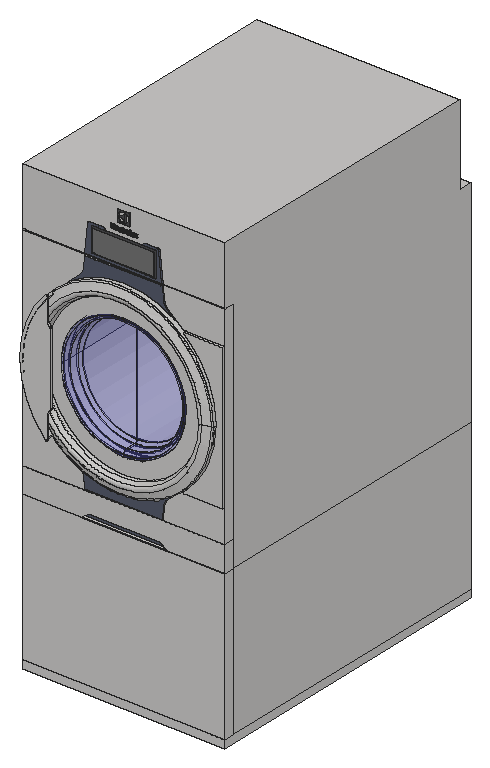
Revit family "QF_ELECTROLUXPROFESSIONAL_1L059Z_TD6-20_S", category Attrezzature speciali, Revit 2021
Family settings
  Quota connettore circolare = Usa diametro
  Tipo di parte = Normale
  Basato su piano di lavoro = No
  Sempre verticale = Sì
  Taglio con vuoti quando caricato = No
  Condiviso = No
  Punto di calcolo locali = No
Parameters (values of type "9873830133")
  Weight = 250
  Watts = 1000 W
  Volts = 400 V
  URL = "www.electroluxprofessional.com"
  Steam Supply Size [instance] = 25 mm
  Steam Supply Minimum Pressure [instance] = 100.0 Pa
  Steam Supply Maximum Pressure [instance] = 1000.0 Pa
  Steam Pounds per Hour = 0
  Steam Consumption per Hour [instance] = "0.0"
  Show Logo [instance] = yes
  Show Clearance [instance] = yes
  Sensible Heat Output = "0.0"
  Prospetto di default = 0 mm
  Produttore = "Electrolux Professional"
  Phase = 3
  Modello = "TD6-20"
  Length Actual = 790 mm
  Latent Heat Output = "0.0"
  Item Number = "1L0EMV"
  Height Actual = 1771 mm
  Gas KW = 0
  Descrizione = "TUMBLE DRYER TD6-20 20KG SST DRUM STEAM 25KW 400/50/3N COMPASS PRO 6G81 EU SST DO.LEFT MB STOP DISCON."
  Depth Actual = 1342 mm
  Cycle = 50 Hz
  Corrente [instance] = "1.4"
  Condensate Return Size [instance] = 25 mm
Types (19, lengths in mm): name | Weight | Watts | Volts | Phase | Item Number | Descrizione | Depth Actual | Cycle | Corrente
  (no name) | 250 | 1000 W | 400 V | 3 | "1L0EMV" | "TUMBLE DRYER TD6-20 20KG SST DRUM STEAM 25KW 400/50/3N COMPASS PRO 6G81 EU SST DO.LEFT MB STOP DISCON." | 1342 | 50 Hz | "1.4"
  9873830062 | 250 | 1200 W | 240 V | 1 | "1L0EHB" | "TUMBLE DRYER TD6-20 20KG GALVA.DRUM STEAM 25KW 208-240/60/1 COMPASS PRO 6G82 EU SILVER DO.RIGHT STOP DISCON. EXT.CONN." | 1342 | 60 Hz | "5.5"
  9873830303 | 243 | 1000 W | 400 V | 3 | "1LT6HZ" | "TUMBLE DRYER TD6-20 20KG SST DRUM STEAM 25KW 400/50/3 COMPASS PRO 6G81 EU SILVER DO.RIGHT MB DSC STOP DISCON." | 1202 | 50 Hz | "0.0"
  9873830262 | 243 | 1200 W | 240 V | 1 | "1LSPS0" | "TUMBLE DRYER TD6-20 20KG GALVA.DRUM STEAM 25KW 208-240/60/1 COMPASS PRO 6G82 EU SST DO.RIGHT STOP DISCON." | 1202 | 60 Hz | "0.0"
  9873830198 | 250 | 1000 W | 400 V | 3 | "1LSNZW" | "TUMBLE DRYER TD6-20 20KG SST DRUM STEAM 25KW 400/50/3N COMPASS PRO 6G81 SE SILVER DO.LEFT.INS. MB DSC STOP DISCON." | 1342 | 50 Hz | "1.4"
  9873830188 | 250 | 1200 W | 240 V | 1 | "1LSNVA" | "TUMBLE DRYER TD6-20 20KG GALVA.DRUM STEAM 25KW 240/60/1N COMPASS PRO 6G81 EU SILVER DO.RIGHT MB STOP DISCON." | 1342 | 60 Hz | "5.0"
  9873830115 | 250 | 1000 W | 400 V | 3 | "1LSN63" | "TUMBLE DRYER TD6-20 20KG GALVA.DRUM STEAM 25KW 400/50/3N COMPASS PRO 6G81 EU SILVER DO.RIGHT MB STOP DISCON." | 1342 | 50 Hz | "1.4"
  9873830145 | 250 | 1000 W | 230 V | 3 | "1LSNDX" | "TUMBLE DRYER TD6-20 20KG SST DRUM STEAM 25KW 230/50/3 COMPASS PRO 6G81 EU SILVER DO.LEFT MB STOP DISCON." | 1342 | 50 Hz | "2.5"
  9873830064 | 250 | 1200 W | 240 V | 1 | "1LSN3U" | "TUMBLE DRYER TD6-20 20KG SST DRUM STEAM 25KW 208-240/60/1 COMPASS PRO 6G82 EU SST DO.RIGHT.INS. STOP DISCON. EXT.CONN." | 1342 | 60 Hz | "5.5"
  9873830255 | 243 | 1000 W | 440 V | 3 | "1L0H12" | "TUMBLE DRYER TD6-20 MARINE 20KG GALVA.DRUM STEAM 25KW 440/60/3 COMPASS PRO 6G81 SE SST/SILVER DO.RIGHT MB STOP DISCON. E" | 1202 | 60 Hz | "1.3"
  9873830280 | 243 | 1000 W | 200 V | 3 | "1L0H83" | "TUMBLE DRYER TD6-20 20KG SST DRUM STEAM 25KW 200/60/3 COMPASS PRO 6G86 JP SST/SILVER DO.RIGHT DISCON." | 1202 | 60 Hz | "0.0"
  9873830167 | 250 | 1200 W | 240 V | 1 | "1L0FY3" | "TUMBLE DRYER TD6-20 20KG GALVA.DRUM STEAM 25KW 240/50/1N COMPASS PRO 6G82 EU SILVER DO.RIGHT STOP DISCON." | 1342 | 50 Hz | "5.0"
  9873830223 | 250 | 1200 W | 240 V | 1 | "1L0GK7" | "TUMBLE DRYER TD6-20 20KG SST DRUM STEAM 25KW 208-240/60/1 COMPASS PRO 6G81 EU SILVER DO.LEFT MB STOP DISCON." | 1342 | 60 Hz | "5.5"
  9873830056 | 250 | 1000 W | 400 V | 3 | "1L0EGY" | "TUMBLE DRYER TD6-20 20KG SST DRUM STEAM 25KW 400/50/3 COMPASS PRO 6G81 EU SILVER DO.RIGHT MB STOP DISCON." | 1342 | 50 Hz | "1.4"
  9873830154 | 250 | 1000 W | 440 V | 3 | "1L0FUX" | "TUMBLE DRYER TD6-20 MARINE 20KG GALVA.DRUM STEAM 25KW 440/60/3 COMPASS PRO 6G81 EU SILVER DO.RIGHT MB STOP DISCON." | 1342 | 60 Hz | "1.3"
  9873830279 | 243 | 1000 W | 200 V | 3 | "1L0H82" | "TUMBLE DRYER TD6-20 20KG SST DRUM STEAM 25KW 200/50/3 COMPASS PRO 6G86 JP SST/SILVER DO.RIGHT DISCON." | 1202 | 50 Hz | "0.0"
  9873830146 | 250 | 1000 W | 400 V | 3 | "1LSNEL" | "TUMBLE DRYER TD6-20 20KG GALVA.DRUM STEAM 25KW 400/50/3N COMPASS PRO 6G81 EU SST/SILVER DO.RIGHT.INS. MB STOP DISCON." | 1342 | 50 Hz | "1.4"
  9873830058 | 250 | 1200 W | 240 V | 1 | "1L0EH7" | "TUMBLE DRYER TD6-20 20KG GALVA.DRUM STEAM 25KW 208-240/60/1 COMPASS PRO 6G82 EU SILVER DO.RIGHT STOP DISCON." | 1342 | 60 Hz | "5.5"
  9873830133 | 250 | 1000 W | 400 V | 3 | "1L0EMV" | "TUMBLE DRYER TD6-20 20KG SST DRUM STEAM 25KW 400/50/3N COMPASS PRO 6G81 EU SST DO.LEFT MB STOP DISCON." | 1342 | 50 Hz | "1.4"
Reference planes
  plane 1: z = 0
  plane 2 "BACK": y = 790.5
  plane 3 "FRONT": y = -549.5
  plane 4 "LEFT": x = -799
  plane 5 "RIGHT": x = -6
  plane 6 "TOP": z = 1771
  plane 7: y = -601.5
  plane 8: y = -1323.5
Forms (mm)
  Extrusion 1, solid, material "QF_Finishes_Stainless Steel"
    sketch origin (718.1, -398.1, 598.796) x (0, 0, -1) y (0, 1, 0)
      loop
        line (-14.704, 1049.6) -> (-855.66, 1049.6) -> (-855.66, 993.6) -> (-941.204, 993.6) -> (-941.204, -115.453) -> (-14.704, -115.453) -> (-14.704, 1049.6)
    from -1517.1 to -724.1
  Extrusion 2, solid, material "QF_Finishes_Stainless Steel"
    sketch origin (718.1, -368.1, 598.796) x (0, 0, -1) y (0, 1, 0)
      loop
        line (568.796, -145.453) -> (568.796, 1019.6) -> (-14.704, 1019.6) -> (-14.704, -145.453) -> (568.796, -145.453)
    from -1517.1 to -724.1
  Sweep 3, solid, material "QF_Finishes_Black"
    path origin (686.327, -549.5, 1684.42) x (0, 0, -1) y (1, 0, 0)
      loop
        line (131.445, -962.809) -> (32.707, -962.809) -> (32.707, -1214.809) -> (131.445, -1214.809) -> (131.445, -962.809)
    profile origin (-276.482, -549.5, 1602.344) x (-1, 0, 0) y (0, -1, 0)
      loop
        line (5, 0) -> (5, 5)
        arc (5, 5) -> (1.464, 3.536) -> (0, 0) r 5
        line (0, 0) -> (5, 0)
  Extrusion 4, solid, material "QF_Finishes_Dark Grey"
    sketch origin (686.327, -549.5, 1684.42) x (0, 0, -1) y (1, 0, 0)
      loop
        line (126.445, -1209.809) -> (126.445, -967.809) -> (37.707, -967.809) -> (37.707, -1209.809) -> (126.445, -1209.809)
    from 0 to 4
  Extrusion 5, void
    sketch origin (889, -517.06, 1195.994) x (0, 0, -1) y (1, 0, 0)
      loop
        circle (69.994, -1291.5) r 245
    from -451.9 to 33.109
  Extrusion 6, solid, material "QF_Finishes_Stainless Steel"
    sketch origin (718.1, 595.5, 1540) x (0, 0, -1) y (-1, 0, 0)
      loop
        circle (43, 834.1) r 12.7
    from 0 to 5
  Extrusion 7, solid, material "QF_Finishes_Stainless Steel"
    sketch origin (653.455, 651.5, 172.018) x (0, 0, 1) y (1, 0, 0)
      loop
        circle (67.982, -1277.455) r 100
    from 0 to 5
  Extrusion 8, solid, material "QF_Finishes_Stainless Steel"
    sketch origin (-499, 0, 0) x (0, 1, 0) y (0, 0, 1)
      loop
        line (595.5, 1540) -> (595.5, 1771) -> (-549.5, 1771) -> (-549.5, 1541.816)
        arc (-549.5, 1541.816) -> (-548.968, 1540.532) -> (-547.684, 1540) r 1.816
        line (-547.684, 1540) -> (595.5, 1540)
    from -300 to 493
  Extrusion 9, solid, material "QF_Finishes_Stainless Steel"
    sketch origin (0, 0, 1114.3) x (-1, 0, 0) y (0, -1, 0)
      loop
        line (799, -651.5) -> (799, 549.5) -> (6, 549.5) -> (6, -651.5) -> (799, -651.5)
    from -1114.3 to -1084.3
  Extrusion 10, solid, material "QF_Finishes_Stainless Steel"
    sketch origin (-499, -118.96, 0) x (0, 1, 0) y (0, 0, 1)
      loop
        line (-394.593, 1540) -> (-430.54, 1540) -> (-430.54, 713.5) -> (-394.593, 713.5) -> (-394.593, 1540)
    from -300 to 493
  Extrusion 11, solid, material "QF_Finishes_Stainless Steel"
    sketch origin (-499, -118.96, 0) x (0, 1, 0) y (0, 0, 1)
      loop
        line (-430.54, 713.5) -> (-430.54, 613.5) -> (-394.593, 613.5) -> (-394.593, 713.5) -> (-430.54, 713.5)
    from -300 to 493
  Extrusion 12, solid, material "QF_Finishes_Stainless Steel"
    sketch origin (-499, -118.96, 0) x (0, 1, 0) y (0, 0, 1)
      loop
        line (-394.593, 613.5) -> (-430.54, 613.5) -> (-430.54, 30) -> (-394.593, 30) -> (-394.593, 613.5)
    from -300 to 493
  Sweep 13, solid, material "QF_Finishes_Stainless Steel"
    path origin (-409, -549.5, 1444.576) x (0, 0, -1) y (1, 0, 0)
      loop
        circle (318.576, 6.5) r 366.295
    profile origin (-402.5, -549.5, 1492.295) x (0, 0, -1) y (0, -1, 0)
      loop
        line (0, 0) -> (60.401, 0)
        arc (60.401, 0) -> (59.825, 6.814) -> (57.535, 13.257) r 26.651
        line (57.535, 13.257) -> (49.537, 28.994)
        arc (49.537, 28.994) -> (42.511, 35.32) -> (33.058, 35.302) r 13.156
        line (33.058, 35.302) -> (4.309, 24.168)
        arc (4.309, 24.168) -> (1.18, 21.691) -> (0, 17.88) r 6.744
        line (0, 17.88) -> (0, 0)
  Extrusion 14, solid, material "QF_Finishes_Stainless Steel"
    sketch origin (889, -689.525, 1195.994) x (0, 0, -1) y (1, 0, 0)
      loop
        line (353.669, -897.598) -> (-212.997, -897.549) -> (-213.01, -1046.361)
        arc (-213.01, -1046.361) -> (-212.131, -1048.481) -> (-210.011, -1049.36) r 2.999
        line (-210.011, -1049.36) -> (-204.852, -1049.36)
        arc (-204.852, -1049.36) -> (-80.8, -957.683) -> (69.994, -925.205) r 366.295
        arc (69.994, -925.205) -> (220.927, -957.746) -> (345.042, -1049.589) r 366.295
        line (345.042, -1049.589) -> (350.683, -1049.589)
        arc (350.683, -1049.589) -> (352.804, -1048.711) -> (353.682, -1046.59) r 2.999
        line (353.682, -1046.59) -> (353.669, -897.598)
    from -140.025 to -130.025
  Revolve 15, solid, material "QF_Door-Drawer Clearances", visible <- "Show Clearance", detail levels coarse
    sketch origin (889, -601.5, 1195.994) x (0, 0, -1) y (1, 0, 0)
      loop
        circle (69.994, -1291.5) r 366.295
      axis (69.994, -924.023) -> (68.994, -924.023)
    angle from 0 to -90
  Revolve 16, solid, material "QF_Finishes_Glass"
    sketch origin (-402.863, -289.313, 555.02) x (0, 1, 0) y (0, 0, 1)
      loop
        arc (-190.673, 783.338) -> (-195.066, 793.945) -> (-205.673, 798.338) r 15
        line (-205.673, 798.338) -> (-244.95, 798.338)
        arc (-244.95, 798.338) -> (-252.021, 801.267) -> (-254.95, 808.338) r 10
        line (-254.95, 808.338) -> (-254.95, 816.338) -> (-259.95, 816.338) -> (-259.95, 808.338)
        arc (-259.95, 808.338) -> (-255.556, 797.732) -> (-244.95, 793.338) r 15
        line (-244.95, 793.338) -> (-205.673, 793.338)
        arc (-205.673, 793.338) -> (-198.602, 790.409) -> (-195.673, 783.338) r 10
        line (-195.673, 783.338) -> (-195.673, 570.975) -> (-190.673, 570.975) -> (-190.673, 783.338)
      axis (-259.95, 570.975) -> (-190.673, 570.975)
    angle from 0 to 360
  Extrusion 17, solid, material "QF_Finishes_Stainless Steel"
    sketch origin (-529, -549.5, 1444.576) x (0, 0, -1) y (1, 0, 0)
      loop
        arc (176.622, -119.08) -> (174.216, -119.45) -> (172.033, -120.527) r 8
        line (172.033, -120.527) -> (158.099, -130.284)
        arc (158.099, -130.284) -> (155.934, -131.338) -> (153.554, -131.7) r 8
        line (153.554, -131.7) -> (65.736, -131.7)
        arc (65.736, -131.7) -> (63.285, -133.352) -> (63.896, -136.244) r 2.645
        arc (63.896, -136.244) -> (318.617, -239.419) -> (573.315, -136.187) r 365.919
        arc (573.315, -136.187) -> (573.918, -133.331) -> (571.497, -131.7) r 2.612
        line (571.497, -131.7) -> (483.599, -131.7)
        arc (483.599, -131.7) -> (481.193, -131.33) -> (479.01, -130.253) r 8
        line (479.01, -130.253) -> (465.119, -120.527)
        arc (465.119, -120.527) -> (462.936, -119.45) -> (460.53, -119.08) r 8
        line (460.53, -119.08) -> (176.622, -119.08)
    from 47.713 to 52
  Extrusion 18, solid, material "QF_Finishes_Stainless Steel"
    sketch origin (-529, -601.5, 1444.576) x (0, 0, -1) y (1, 0, 0)
      loop
        arc (63.896, -136.244) -> (318.617, -239.419) -> (573.315, -136.187) r 365.919
        line (573.315, -136.187) -> (563.547, -131.7)
        arc (563.547, -131.7) -> (318.584, -229.419) -> (73.616, -131.711) r 355.919
        line (73.616, -131.711) -> (63.896, -136.244)
    from -4.287 to -34.753
  Extrusion 19, void
    sketch origin (-401.334, -549.5, 611.842) x (0, 0, 1) y (1, 0, 0)
      loop
        arc (1.908, -169.725) -> (2.027, -168.962) -> (2.374, -168.272) r 2.499
        line (2.374, -168.272) -> (21.699, -140.672)
        arc (21.699, -140.672) -> (23.335, -137.382) -> (23.898, -133.751) r 11.994
        line (23.898, -133.751) -> (23.897, 130.467)
        arc (23.897, 130.467) -> (23.336, 134.095) -> (21.703, 137.383) r 11.994
        line (21.703, 137.383) -> (2.374, 164.988)
        arc (2.374, 164.988) -> (2.027, 165.678) -> (1.908, 166.441) r 2.499
        line (1.908, 166.441) -> (1.908, -169.725)
    from 0 to 13.427
  Extrusion 20, solid, material "QF_Finishes_Blue"
    sketch origin (-499, -549.5, 893.425) x (0, 0, 1) y (-1, 0, 0)
      loop
        arc (767.274, 37.584) -> (765.819, 41.099) -> (762.304, 42.555) r 4.971
        line (762.304, 42.555) -> (650.575, 54.795) -> (650.575, -247.832) -> (761.659, -235.663)
        arc (761.659, -235.663) -> (765.63, -234.018) -> (767.274, -230.047) r 5.615
        line (767.274, -230.047) -> (767.274, -186.505)
        arc (767.274, -186.505) -> (766.484, -180.953) -> (764.209, -175.828) r 20.351
        line (764.209, -175.828) -> (758.288, -166.304) -> (758.288, -222.518) -> (659.55, -222.518) -> (659.55, 29.482) -> (758.288, 29.482) -> (758.288, -26.732) -> (764.209, -17.208)
        arc (764.209, -17.208) -> (766.483, -12.086) -> (767.274, -6.538) r 20.35
        line (767.274, -6.538) -> (767.274, 37.584)
    from 0 to 1.6
  Extrusion 21, solid, material "QF_Finishes_Blue"
    sketch origin (-499, -549.5, 893.425) x (0, 0, 1) y (-1, 0, 0)
      loop
        arc (594.486, 60.933) -> (579.244, 65.533) -> (566.695, 75.331) r 43.3
        line (566.695, 75.331) -> (532.276, 114.098)
        arc (532.276, 114.098) -> (598.87, -96.026) -> (532.82, -306.322) r 366.295
        line (532.82, -306.322) -> (566.695, -268.167)
        arc (566.695, -268.167) -> (579.244, -258.37) -> (594.486, -253.77) r 43.3
        line (594.486, -253.77) -> (642.075, -248.6) -> (642.075, 55.764) -> (594.486, 60.933)
    from 0 to 1.6
  Extrusion 22, solid, material "QF_Finishes_Blue"
    sketch origin (-499, -549.5, 893.425) x (0, 0, 1) y (-1, 0, 0)
      loop
        line (-129.403, 60.926) -> (-176.925, 55.764) -> (-176.925, -248.6) -> (-129.403, -253.763)
        arc (-129.403, -253.763) -> (-114.123, -258.355) -> (-101.544, -268.169) r 43.3
        line (-101.544, -268.169) -> (-67.671, -306.321)
        arc (-67.671, -306.321) -> (-133.72, -96.026) -> (-67.127, 114.098) r 366.295
        line (-67.127, 114.098) -> (-101.544, 75.332)
        arc (-101.544, 75.332) -> (-114.123, 65.518) -> (-129.403, 60.926) r 43.3
    from 0 to 1.6
  Extrusion 23, solid, material "QF_Finishes_Stainless Steel"
    sketch origin (718.1, 414.5, 30) x (0, 0, 1) y (1, 0, 0)
      loop
        line (661.465, -1322.6) -> (1361.465, -1322.6) -> (1361.465, -918.6) -> (661.465, -918.6) -> (661.465, -1322.6)
    from 237 to 337
  Extrusion 24, solid, material "QF_Finishes_Stainless Steel"
    sketch origin (718.1, 751.5, 30) x (0, 0, 1) y (1, 0, 0)
      loop
        circle (1313.965, -1120.6) r 16.6
    from 0 to 39
  Extrusion 25, solid, material "QF_Finishes_Stainless Steel"
    sketch origin (718.1, 751.5, -575.6) x (0, 0, 1) y (1, 0, 0)
      loop
        circle (1313.965, -1120.6) r 16.6
    from 0 to 39
Cuts and joins
  Extrusion 5 cuts Extrusion 1
  Extrusion 5 cuts Extrusion 8
  joined: Extrusion 1, Extrusion 6, Extrusion 8, Extrusion 23, Extrusion 24, Extrusion 25
  Extrusion 5 cuts Extrusion 10
  Extrusion 19 cuts Extrusion 11
  joined: Sweep 13, Extrusion 14, Extrusion 17, Extrusion 18
  joined: Extrusion 2, Extrusion 7
Lines and regions (mm)
  Split face 1
    outline origin (-6, -549.5, 1540) x (-1, 0, 0) y (0, 0, -1)
      loop
        circle (396.5, 414) r 305.895
  symbolic lines
    curve 1: line (-6, 651.5, 1771) -> (-799, 651.5, 1771)
    curve 2: line (-799, -549.5, 1771) -> (-6, -549.5, 1771)
    curve 3: line (-6, 651.5, 0) -> (-6, -549.5, 0)
    curve 4: line (-799, 651.5, 0) -> (-799, -549.5, 0)
    curve 6: line (-6, 595.5, 0) -> (-799, 595.5, 0)
    curve 25: line (-604.5, 651.5, 0) -> (-604.5, 751.5, 0)
    curve 26: line (-604.5, 751.5, 0) -> (-200.5, 751.5, 0)
    curve 27: line (-200.5, 751.5, 0) -> (-200.5, 651.5, 0)
  symbolic lines, style "QF_Door-Drawer Clearances", visible <- "Show Clearance"
    curve 5: line (-6, -1323.5, 0) -> (-6, -549.5, 0)
    curve 7: arc (-768.795, -549.5, 0) -> (-549.88, -1096.63, 0) -> (-6, -1323.5, 0) r 761.144
  symbolic lines, style "SpecialityEquipment"
    curve 8: line (-8.549, -559.5, 0) -> (-8.549, -549.5, 0)
    curve 9: line (-160.36, -559.5, 0) -> (-8.549, -559.5, 0)
    curve 10: line (-160.36, -549.5, 0) -> (-160.36, -559.5, 0)
    curve 11: line (-768.419, -601.5, 0) -> (-659.284, -601.5, 0)
    curve 12: line (-659.284, -597.213, 0) -> (-758.419, -597.213, 0)
    curve 13: line (-758.419, -569.602, 0) -> (-758.419, -597.213, 0)
    curve 14: line (-659.284, -597.213, 0) -> (-659.284, -601.5, 0)
    curve 15: line (-768.419, -569.602, 0) -> (-758.419, -569.602, 0)
    curve 16: line (-74.013, -585.689, 0) -> (-758.419, -585.689, 0)
    curve 17: line (-768.419, -569.602, 0) -> (-768.419, -601.5, 0)
    curve 18: line (-40.513, -573.668, 0) -> (-758.419, -573.668, 0)
    curve 19: line (-768.795, -549.5, 0) -> (-768.795, -567.38, 0)
    curve 20: arc (-768.795, -567.38, 0) -> (-768.701, -568.507, 0) -> (-768.419, -569.602, 0) r 6.744
    curve 21: line (-36.205, -559.5, 0) -> (-36.205, -567.38, 0)
    curve 22: line (-40.513, -573.668, 0) -> (-69.262, -584.802, 0)
    curve 23: arc (-36.205, -567.38, 0) -> (-37.385, -571.191, 0) -> (-40.513, -573.668, 0) r 6.744
    curve 24: arc (-74.013, -585.689, 0) -> (-71.597, -585.465, 0) -> (-69.262, -584.802, 0) r 13.156
Dimensions and locks
  plane 4 "LEFT" to plane 5 "RIGHT" = 793 mm
  plane 2 "BACK" to plane 3 "FRONT" = 1340 mm
  plane 6 "TOP" to level = 1771 mm
  Extrusion 2 to Extrusion 2 = 583.5 mm
  Extrusion 6 sketch curve to plane 6 "TOP" = 274 mm
  plane 5 "RIGHT" to Extrusion 6 sketch curve = 110 mm
  level to Extrusion 7 sketch curve = 240 mm
  Extrusion 7 sketch curve to plane 4 "LEFT" = 175 mm
  plane 2 "BACK" to plane 7 = 1392 mm
  plane 2 "BACK" to plane 8 = 2114 mm
  aligned and locked: level to plane 1
  aligned and locked: Extrusion 1 to plane 4 "LEFT"
  aligned and locked: plane 5 "RIGHT" to Extrusion 1
  aligned and locked: Extrusion 2 to plane 4 "LEFT"
  aligned and locked: plane 5 "RIGHT" to Extrusion 2
  aligned and locked: plane 5 "RIGHT" to Extrusion 8
  aligned and locked: Extrusion 8 to plane 4 "LEFT"
  aligned and locked: plane 5 "RIGHT" to Extrusion 12
  aligned and locked: Extrusion 12 to plane 4 "LEFT"
  aligned and locked: Extrusion 11 to plane 4 "LEFT"
  aligned and locked: plane 5 "RIGHT" to Extrusion 11
  aligned and locked: Extrusion 10 to plane 4 "LEFT"
  aligned and locked: plane 5 "RIGHT" to Extrusion 10
  aligned and locked: Extrusion 18 to Extrusion 17
Nested families
  nested 1: "ELX_Logo_S_New" at (-415.511, -549.5, 1674.59) x (1, 0, 0) z (0, -1, 0), visible <- "Show Logo", type "ELX_Logo_S_New"
    with Material QF_Finishes_Black
  nested 2: "ELX_Logo_Symbol_S" at (-394.886, -549.5, 1729.274) x (-1, 0, 0) z (0, -1, 0), visible <- "Show Logo", type "ELX_Logo_Symbol_S"
    with Material QF_Finishes_Black
Connectors
  piping at (-624, 656.5, 240), diameter 200
    settings: on Extrusion 7, index 3, connector inside diameter 609.6 mm, connector length 0 mm, flow factor 0, pipe flow 0.0 L/s, pressure drop 0.0 Pa, fitting loss kfactor 0, connector angle 0.00°, fixture units 0, engagement length 0 mm, angle of deflection 0.00°, flow configuration 1, flow direction 2, fitting loss method 0, system type 7, joint type 0, gender type 0, connector reference index -1, connector utility 0, adjustable connector no, is connector primary yes, connector description "Exhaust Connection"
  electrical at (-116, 600.5, 1497)
    settings: on Extrusion 6, index 4, voltage 0 V, apparent load 0 VA, apparent load phase1 0 VA, apparent load phase2 0 VA, apparent load phase3 0 VA, power factor 1, load classification "Other", number of poles 1, system type 30, power factor state 1, is connector primary yes, connector utility no, sub classification motor no, connector description "Electrical Connection"
  piping at (-402.5, 790.5, 1343.965), diameter 33.2
    settings: on Extrusion 24, index 7, connector inside diameter 609.6 mm, connector length 0 mm, flow factor 0, pipe flow 0.0 L/s, pressure drop 0.0 Pa, fitting loss kfactor 0, connector angle 0.00°, fixture units 0, engagement length 0 mm, angle of deflection 0.00°, flow configuration 1, flow direction 1, fitting loss method 0, system type 7, joint type 0, gender type 0, connector reference index -1, connector utility 0, adjustable connector no, is connector primary no, connector description "Steam Inlet"
  piping at (-402.5, 790.5, 738.365), diameter 33.2
    settings: on Extrusion 25, index 8, connector inside diameter 609.6 mm, connector length 0 mm, flow factor 0, pipe flow 0.0 L/s, pressure drop 0.0 Pa, fitting loss kfactor 0, connector angle 0.00°, fixture units 0, engagement length 0 mm, angle of deflection 0.00°, flow configuration 1, flow direction 1, fitting loss method 0, system type 7, joint type 0, gender type 0, connector reference index -1, connector utility 0, adjustable connector no, is connector primary no, connector description "Steam Outlet"
Definition of nested family "ELX_Logo_S_New"
  Parameters
    Material [instance] = none
    Default Elevation = 0 mm
  Reference planes
    plane 1 "Centro (Fronte/Retro)": y = 0
    plane 2: z = 0
    plane 3 "Centro (Sinistra/Destra)": x = 0
  Forms (mm)
    Extrusion 1, solid
      sketch origin (0, 0, 0) x (1, 0, 0) y (0, 1, 0)
        loop
          line (-1219.2, 1219.2) -> (-1219.2, -1219.2) -> (1219.2, -1219.2) -> (1219.2, 1219.2) -> (-1219.2, 1219.2)
      from 0 to -304.8
    Extrusion 2, solid, material <- "Material"
      sketch origin (0, 0, 0) x (1, 0, 0) y (0, 1, 0)
        loop
          spline (-31.006, -2.781) -> (-31.24, -2.771) -> (-31.49, -2.739) -> (-31.748, -2.68) -> (-32.009, -2.591) -> (-32.264, -2.469) -> (-32.508, -2.308) -> (-32.732, -2.105) -> (-32.932, -1.857) -> (-33.099, -1.559) -> (-33.226, -1.207) -> (-33.308, -0.798) -> (-33.337, -0.327)
          line (-33.337, -0.327) -> (-33.337, 1.761) -> (-26.444, 1.761) -> (-26.444, 4.423) -> (-33.338, 4.423) -> (-33.338, 8.299) -> (-26.005, 8.299) -> (-26.005, 10.954) -> (-36.159, 10.954) -> (-36.159, -0.206)
          spline (-36.159, -0.206) -> (-36.134, -0.893) -> (-36.057, -1.54) -> (-35.927, -2.145) -> (-35.743, -2.707) -> (-35.503, -3.222) -> (-35.206, -3.689) -> (-34.85, -4.106) -> (-34.433, -4.47) -> (-33.955, -4.779) -> (-33.414, -5.031) -> (-32.809, -5.223) -> (-32.137, -5.354)
          line (-32.137, -5.354) -> (-31.029, -5.433) -> (-25.809, -5.433) -> (-25.809, -2.781) -> (-31.006, -2.781)
        loop
          line (-23.804, 3.211) -> (-23.804, -5.437) -> (-20.982, -5.437) -> (-20.982, 10.958) -> (-23.804, 10.958) -> (-23.804, 3.211)
        loop
          spline (-7.052, -0.2) -> (-7.034, 0.688) -> (-7.119, 1.546) -> (-7.304, 2.368) -> (-7.586, 3.144) -> (-7.962, 3.868) -> (-8.426, 4.531) -> (-8.977, 5.126) -> (-9.61, 5.644) -> (-10.321, 6.077) -> (-11.107, 6.419) -> (-11.964, 6.66) -> (-12.889, 6.793)
          spline (-12.889, 6.793) -> (-13.767, 6.742) -> (-14.602, 6.592) -> (-15.387, 6.346) -> (-16.116, 6.008) -> (-16.782, 5.583) -> (-17.379, 5.073) -> (-17.902, 4.483) -> (-18.343, 3.816) -> (-18.697, 3.077) -> (-18.958, 2.269) -> (-19.119, 1.395) -> (-19.174, 0.46)
          spline (-19.174, 0.46) -> (-19.121, -0.452) -> (-18.964, -1.304) -> (-18.71, -2.094) -> (-18.362, -2.816) -> (-17.926, -3.468) -> (-17.406, -4.045) -> (-16.808, -4.544) -> (-16.137, -4.96) -> (-15.397, -5.291) -> (-14.594, -5.532) -> (-13.733, -5.679) -> (-12.817, -5.729)
          spline (-12.817, -5.729) -> (-12.371, -5.719) -> (-11.93, -5.685) -> (-11.493, -5.626) -> (-11.062, -5.54) -> (-10.636, -5.425) -> (-10.216, -5.277) -> (-9.8, -5.096) -> (-9.391, -4.879) -> (-8.987, -4.623) -> (-8.588, -4.326) -> (-8.196, -3.987) -> (-7.809, -3.603)
          line (-7.809, -3.603) -> (-9.51, -1.949)
          spline (-9.51, -1.949) -> (-9.734, -2.164) -> (-9.959, -2.362) -> (-10.188, -2.542) -> (-10.422, -2.703) -> (-10.662, -2.846) -> (-10.913, -2.971) -> (-11.174, -3.077) -> (-11.449, -3.163) -> (-11.739, -3.231) -> (-12.047, -3.28) -> (-12.374, -3.309) -> (-12.723, -3.319)
          spline (-12.723, -3.319) -> (-13.234, -3.294) -> (-13.713, -3.219) -> (-14.158, -3.098) -> (-14.568, -2.931) -> (-14.94, -2.72) -> (-15.272, -2.469) -> (-15.562, -2.177) -> (-15.809, -1.849) -> (-16.009, -1.485) -> (-16.162, -1.088) -> (-16.264, -0.659) -> (-16.314, -0.2)
          line (-16.314, -0.2) -> (-7.052, -0.2)
        loop
          spline (-9.888, 1.784) -> (-9.915, 2.133) -> (-9.995, 2.469) -> (-10.124, 2.788) -> (-10.298, 3.088) -> (-10.514, 3.365) -> (-10.768, 3.615) -> (-11.056, 3.836) -> (-11.376, 4.024) -> (-11.722, 4.176) -> (-12.092, 4.289) -> (-12.482, 4.359) -> (-12.889, 4.383)
          spline (-12.889, 4.383) -> (-13.325, 4.36) -> (-13.744, 4.291) -> (-14.144, 4.18) -> (-14.52, 4.03) -> (-14.868, 3.844) -> (-15.186, 3.624) -> (-15.469, 3.375) -> (-15.715, 3.099) -> (-15.919, 2.798) -> (-16.077, 2.477) -> (-16.186, 2.138) -> (-16.243, 1.784)
          line (-16.243, 1.784) -> (-9.888, 1.784)
        loop
          spline (-2.737, 0.532) -> (-2.704, 1.057) -> (-2.61, 1.555) -> (-2.457, 2.022) -> (-2.249, 2.455) -> (-1.991, 2.851) -> (-1.685, 3.205) -> (-1.336, 3.514) -> (-0.948, 3.775) -> (-0.524, 3.984) -> (-0.067, 4.138) -> (0.417, 4.233) -> (0.926, 4.265)
          spline (0.926, 4.265) -> (1.238, 4.255) -> (1.537, 4.226) -> (1.824, 4.178) -> (2.098, 4.112) -> (2.362, 4.027) -> (2.615, 3.925) -> (2.858, 3.806) -> (3.093, 3.67) -> (3.318, 3.518) -> (3.536, 3.349) -> (3.746, 3.165) -> (3.95, 2.966)
          line (3.95, 2.966) -> (5.699, 4.785)
          spline (5.699, 4.785) -> (5.351, 5.133) -> (4.992, 5.446) -> (4.624, 5.724) -> (4.246, 5.969) -> (3.859, 6.181) -> (3.463, 6.362) -> (3.059, 6.512) -> (2.646, 6.633) -> (2.226, 6.725) -> (1.8, 6.79) -> (1.366, 6.828) -> (0.926, 6.841)
          spline (0.926, 6.841) -> (0.044, 6.786) -> (-0.801, 6.626) -> (-1.601, 6.367) -> (-2.349, 6.014) -> (-3.037, 5.573) -> (-3.658, 5.051) -> (-4.204, 4.453) -> (-4.668, 3.785) -> (-5.041, 3.053) -> (-5.318, 2.263) -> (-5.489, 1.421) -> (-5.548, 0.532)
          spline (-5.548, 0.532) -> (-5.489, -0.357) -> (-5.318, -1.199) -> (-5.041, -1.989) -> (-4.668, -2.721) -> (-4.204, -3.389) -> (-3.658, -3.987) -> (-3.037, -4.509) -> (-2.349, -4.95) -> (-1.601, -5.303) -> (-0.801, -5.562) -> (0.044, -5.722) -> (0.926, -5.777)
          spline (0.926, -5.777) -> (1.366, -5.764) -> (1.8, -5.726) -> (2.226, -5.662) -> (2.646, -5.569) -> (3.059, -5.449) -> (3.463, -5.298) -> (3.859, -5.117) -> (4.246, -4.905) -> (4.624, -4.66) -> (4.992, -4.382) -> (5.351, -4.069) -> (5.699, -3.721)
          line (5.699, -3.721) -> (3.95, -1.902)
          spline (3.95, -1.902) -> (3.746, -2.101) -> (3.536, -2.285) -> (3.318, -2.453) -> (3.093, -2.606) -> (2.858, -2.742) -> (2.615, -2.861) -> (2.362, -2.964) -> (2.098, -3.048) -> (1.824, -3.114) -> (1.537, -3.162) -> (1.238, -3.191) -> (0.926, -3.201)
          spline (0.926, -3.201) -> (0.417, -3.169) -> (-0.067, -3.074) -> (-0.524, -2.92) -> (-0.948, -2.711) -> (-1.336, -2.45) -> (-1.685, -2.141) -> (-1.991, -1.787) -> (-2.249, -1.391) -> (-2.457, -0.958) -> (-2.61, -0.491) -> (-2.704, 0.007) -> (-2.737, 0.532)
        loop
          spline (12.895, -2.785) -> (12.646, -2.789) -> (12.379, -2.77) -> (12.102, -2.724) -> (11.82, -2.646) -> (11.542, -2.531) -> (11.274, -2.376) -> (11.024, -2.175) -> (10.797, -1.924) -> (10.602, -1.618) -> (10.445, -1.253) -> (10.334, -0.824) -> (10.275, -0.327)
          line (10.275, -0.327) -> (10.275, 3.855) -> (12.842, 3.855) -> (12.842, 6.419) -> (10.278, 6.419) -> (10.278, 10.958) -> (7.456, 10.958) -> (7.456, -0.488)
          spline (7.456, -0.488) -> (7.516, -1.152) -> (7.626, -1.776) -> (7.785, -2.359) -> (7.996, -2.899) -> (8.26, -3.392) -> (8.577, -3.837) -> (8.951, -4.232) -> (9.38, -4.575) -> (9.868, -4.864) -> (10.415, -5.096) -> (11.023, -5.27) -> (11.693, -5.383)
          line (11.693, -5.383) -> (12.885, -5.437) -> (12.895, -2.785)
        loop
          spline (22.391, 6.583) -> (21.903, 6.613) -> (21.433, 6.605) -> (20.982, 6.558) -> (20.553, 6.476) -> (20.145, 6.358) -> (19.76, 6.207) -> (19.401, 6.022) -> (19.067, 5.807) -> (18.76, 5.561) -> (18.482, 5.286) -> (18.234, 4.984) -> (18.016, 4.655)
          line (18.016, 4.655) -> (18.016, 6.418) -> (15.217, 6.418) -> (15.217, -5.437) -> (18.016, -5.437) -> (18.016, 0.797)
          spline (18.016, 0.797) -> (18.042, 1.269) -> (18.118, 1.71) -> (18.242, 2.117) -> (18.412, 2.488) -> (18.627, 2.822) -> (18.884, 3.117) -> (19.182, 3.371) -> (19.518, 3.583) -> (19.892, 3.751) -> (20.3, 3.873) -> (20.742, 3.947) -> (21.215, 3.972)
          line (21.215, 3.972) -> (22.391, 3.855) -> (22.391, 6.583)
        loop
          spline (35.761, 0.49) -> (35.702, 1.36) -> (35.53, 2.189) -> (35.253, 2.971) -> (34.878, 3.698) -> (34.414, 4.364) -> (33.867, 4.963) -> (33.246, 5.488) -> (32.558, 5.932) -> (31.811, 6.289) -> (31.013, 6.552) -> (30.171, 6.715) -> (29.293, 6.771)
          spline (29.293, 6.771) -> (28.409, 6.715) -> (27.564, 6.552) -> (26.763, 6.289) -> (26.016, 5.932) -> (25.328, 5.488) -> (24.708, 4.963) -> (24.163, 4.364) -> (23.701, 3.698) -> (23.328, 2.971) -> (23.053, 2.189) -> (22.882, 1.36) -> (22.823, 0.49)
          spline (22.823, 0.49) -> (22.882, -0.379) -> (23.053, -1.208) -> (23.328, -1.989) -> (23.701, -2.716) -> (24.163, -3.382) -> (24.708, -3.981) -> (25.328, -4.506) -> (26.016, -4.951) -> (26.763, -5.308) -> (27.564, -5.571) -> (28.409, -5.734) -> (29.293, -5.79)
          spline (29.293, -5.79) -> (30.171, -5.734) -> (31.013, -5.571) -> (31.811, -5.308) -> (32.558, -4.951) -> (33.246, -4.506) -> (33.867, -3.981) -> (34.414, -3.382) -> (34.878, -2.716) -> (35.253, -1.989) -> (35.53, -1.208) -> (35.702, -0.379) -> (35.761, 0.49)
        loop
          spline (32.961, 0.49) -> (32.929, 1.004) -> (32.833, 1.493) -> (32.679, 1.955) -> (32.47, 2.385) -> (32.21, 2.779) -> (31.903, 3.134) -> (31.553, 3.445) -> (31.164, 3.709) -> (30.739, 3.921) -> (30.283, 4.077) -> (29.8, 4.174) -> (29.293, 4.207)
          spline (29.293, 4.207) -> (28.781, 4.174) -> (28.294, 4.077) -> (27.836, 3.921) -> (27.411, 3.709) -> (27.022, 3.445) -> (26.673, 3.134) -> (26.368, 2.779) -> (26.11, 2.385) -> (25.903, 1.955) -> (25.75, 1.493) -> (25.656, 1.004) -> (25.624, 0.49)
          spline (25.624, 0.49) -> (25.656, -0.022) -> (25.75, -0.512) -> (25.903, -0.973) -> (26.11, -1.403) -> (26.368, -1.798) -> (26.673, -2.153) -> (27.022, -2.464) -> (27.411, -2.728) -> (27.836, -2.94) -> (28.294, -3.096) -> (28.781, -3.193) -> (29.293, -3.226)
          spline (29.293, -3.226) -> (29.8, -3.193) -> (30.283, -3.096) -> (30.739, -2.94) -> (31.164, -2.728) -> (31.553, -2.464) -> (31.903, -2.153) -> (32.21, -1.798) -> (32.47, -1.403) -> (32.679, -0.973) -> (32.833, -0.512) -> (32.929, -0.022) -> (32.961, 0.49)
        loop
          line (37.497, 3.493) -> (37.497, -5.437) -> (40.321, -5.437) -> (40.321, 10.958) -> (37.497, 10.958) -> (37.497, 3.493)
        loop
          line (50.501, 6.418) -> (50.501, -0.473)
          spline (50.501, -0.473) -> (50.478, -0.921) -> (50.412, -1.325) -> (50.305, -1.686) -> (50.159, -2.005) -> (49.978, -2.282) -> (49.763, -2.52) -> (49.517, -2.718) -> (49.243, -2.878) -> (48.943, -3.001) -> (48.619, -3.087) -> (48.275, -3.139) -> (47.913, -3.155)
          spline (47.913, -3.155) -> (47.55, -3.139) -> (47.206, -3.088) -> (46.883, -3.001) -> (46.583, -2.879) -> (46.309, -2.72) -> (46.063, -2.523) -> (45.849, -2.287) -> (45.667, -2.012) -> (45.522, -1.696) -> (45.414, -1.339) -> (45.348, -0.94) -> (45.326, -0.498)
          line (45.326, -0.498) -> (45.326, 6.418) -> (42.479, 6.418) -> (42.479, -0.733)
          spline (42.479, -0.733) -> (42.53, -1.543) -> (42.676, -2.28) -> (42.911, -2.945) -> (43.228, -3.537) -> (43.621, -4.058) -> (44.082, -4.508) -> (44.604, -4.888) -> (45.18, -5.197) -> (45.804, -5.437) -> (46.468, -5.607) -> (47.165, -5.709) -> (47.89, -5.743)
          spline (47.89, -5.743) -> (48.62, -5.709) -> (49.323, -5.605) -> (49.993, -5.432) -> (50.621, -5.189) -> (51.203, -4.875) -> (51.729, -4.491) -> (52.194, -4.034) -> (52.59, -3.506) -> (52.91, -2.905) -> (53.147, -2.231) -> (53.295, -1.484) -> (53.346, -0.662)
          line (53.346, -0.662) -> (53.346, 6.418) -> (50.501, 6.418)
        loop
          line (64.026, -1.646) -> (62.246, 0.843) -> (64.45, 3.846) -> (66.338, 6.418) -> (63.257, 6.418) -> (60.692, 2.866) -> (58.105, 6.418) -> (55.047, 6.418) -> (56.801, 4.02) -> (59.14, 0.82) -> (56.689, -2.595) -> (54.647, -5.437) -> (57.682, -5.437) -> (60.692, -1.25) -> (63.703, -5.437) -> (66.738, -5.437) -> (64.026, -1.646)
      from 0 to 1.644
  Dimensions and locks
    aligned and locked: plane 2 to Extrusion 1
    aligned and locked: level to Extrusion 1
Definition of nested family "ELX_Logo_Symbol_S"
  Parameters
    Material [instance] = none
    Default Elevation = 0 mm
  Reference planes
    plane 1 "Centro (Fronte/Retro)": y = 0
    plane 2: z = 0
    plane 3 "Centro (Sinistra/Destra)": x = 0
  Forms (mm)
    Extrusion 1, solid
      sketch origin (0, 0, 0) x (1, 0, 0) y (0, 1, 0)
        loop
          line (-1219.2, 1219.2) -> (-1219.2, -1219.2) -> (1219.2, -1219.2) -> (1219.2, 1219.2) -> (-1219.2, 1219.2)
      from 0 to -304.8
    Extrusion 2, solid, material <- "Material"
      sketch origin (94.462, 558.781, 0) x (1, 0, 0) y (0, 1, 0)
        loop
          line (-92.971, -571.574) -> (-92.971, -531.14)
          arc (-92.971, -531.14) -> (-107.917, -551.357) -> (-92.971, -571.574) r 21.146
        loop
          arc (-90.914, -571.574) -> (-74.098, -567.752) -> (-65.997, -552.529) r 20.723
          line (-65.997, -552.529) -> (-72.686, -552.529)
          arc (-72.686, -552.529) -> (-84.636, -557.38) -> (-90.914, -568.646) r 19.424
          line (-90.914, -568.646) -> (-90.914, -571.574)
        loop
          arc (-90.914, -534.068) -> (-84.636, -545.334) -> (-72.686, -550.185) r 19.424
          line (-72.686, -550.185) -> (-65.997, -550.185)
          arc (-65.997, -550.185) -> (-74.085, -534.837) -> (-90.914, -530.621) r 21.265
          line (-90.914, -530.621) -> (-90.914, -534.068)
        loop
          line (-64.462, -573.781) -> (-64.462, -528.842) -> (-109.462, -528.842) -> (-109.462, -573.781) -> (-64.462, -573.781)
      from 0 to 1.644
  Dimensions and locks
    aligned and locked: plane 2 to Extrusion 1
    aligned and locked: level to Extrusion 1
